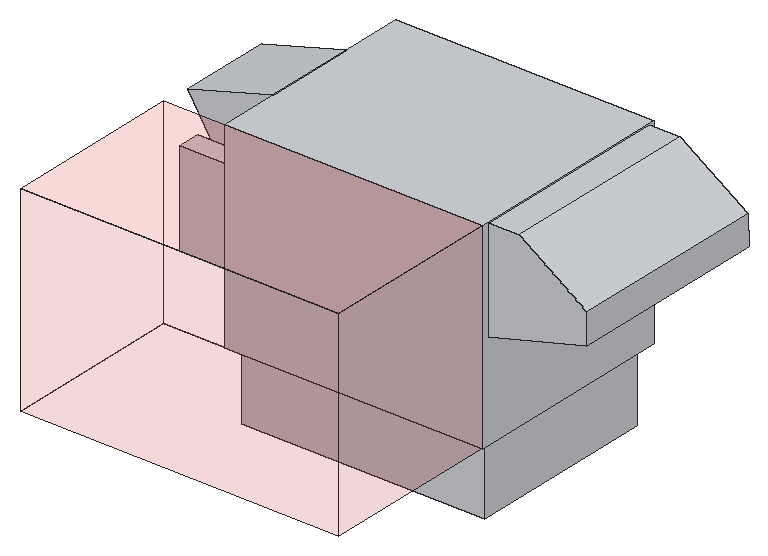
Revit family
Parameters (values of type "208 V Three Phase")
  Weight Scheduled [instance] = 488  # constant formula
  Voltage Workaround = Voltage / 1 V  # 208
  Voltage Scheduled = Voltage  # 208 V
  Voltage = 208 V
  VoltAmps Workaround [instance] = Voltage Workaround * Total FLA * sqrt(Phase)  # 0
  VoltAmps [instance] = VoltAmps Workaround * 1 VA  # 0 VA
  VFD [instance] = no
  URL = "http://www.renewaire.com/_assets/files/SubmittalForms/HE2XRTSubmittal.pdf"
  Total FLA [instance] = if(or(Supply Motor FLA = 0, Exhaust Motor FLA = 0), 0, (Supply Motor FLA * Supply Motor Count) + (Exhaust Motor FLA * Exhaust Motor Count))  # 0
  Supply Motor RPM Scheduled [instance] = Supply Motor RPM  # 0
  Supply Motor RPM [instance] = if(and(or(Supply ESP = 0, Supply ESP > 0), Supply ESP < 0.25), if(Supply Motor HP = 1.5, if(Supply CFM > 1970 CFM, 0, if(Supply CFM > 1765 CFM, 1504, if(Supply CFM > 1560 CFM, 1348, 1192))), if(Supply Motor HP = 2, if(Supply CFM > 2194 CFM, 0, if(Supply CFM > 2087 CFM, 1594, 1516)), 0)), if(and(or(Supply ESP = 0.25, Supply ESP > 0.25), Supply ESP < 0.5), if(Supply Motor HP = 1.5, if(Supply CFM > 1900 CFM, 0, if(Supply CFM > 1685 CFM, 1504, if(Supply CFM > 1460 CFM, 1348, 1192))), if(Supply Motor HP = 2, if(Supply CFM > 2110 CFM, 0, if(Supply CFM > 2000 CFM, 1594, 1516)), 0)), if(and(or(Supply ESP = 0.5, Supply ESP > 0.5), Supply ESP < 0.75), if(Supply Motor HP = 1.5, if(Supply CFM > 1800 CFM, 0, if(Supply CFM > 1560 CFM, 1504, if(Supply CFM > 1300 CFM, 1348, 1192))), if(Supply Motor HP = 2, if(Supply CFM > 2145 CFM, 0, if(Supply CFM > 2035 CFM, 1671, if(Supply CFM > 1915 CFM, 1594, 1516))), 0)), if(and(or(Supply ESP = 0.75, Supply ESP > 0.75), Supply ESP < 1), if(Supply Motor HP = 1.5, if(Supply CFM > 1670 CFM, 0, if(Supply CFM > 1380 CFM, 1504, if(Supply CFM > 1100 CFM, 1348, 1192))), if(Supply Motor HP = 2, if(Supply CFM > 2050 CFM, 0, if(Supply CFM > 1920 CFM, 1671, if(Supply CFM > 1775 CFM, 1594, 1516))), 0)), if(and(or(Supply ESP = 1, Supply ESP > 1), Supply ESP < 1.25), if(Supply Motor HP = 1.5, if(Supply CFM > 1500 CFM, 0, if(Supply CFM > 1210 CFM, 1504, if(Supply CFM > 845 CFM, 1348, 1192))), if(Supply Motor HP = 2, if(Supply CFM > 1905 CFM, 0, if(Supply CFM > 1765 CFM, 1671, if(Supply CFM > 1635 CFM, 1594, 1516))), 0)), if(and(or(Supply ESP = 1.25, Supply ESP > 1.25), Supply ESP < 1.5), if(Supply Motor HP = 1.5, if(Supply CFM > 1345 CFM, 0, if(Supply CFM > 945 CFM, 1504, 1348)), if(Supply Motor HP = 2, if(Supply CFM > 1775 CFM, 0, if(Supply CFM > 1630 CFM, 1671, if(Supply CFM > 1475 CFM, 1594, 1516))), 0)), if(Supply ESP = 1.5, if(Supply Motor HP = 1.5, if(Supply CFM > 1135 CFM, 0, if(Supply CFM > 650 CFM, 1504, 1348)), if(Supply Motor HP = 2, if(Supply CFM > 1640 CFM, 0, if(Supply CFM > 1470 CFM, 1671, if(Supply CFM > 1260 CFM, 1594, 1516))), 0)), 0)))))))  # 0
  Supply Motor HP Scheduled [instance] = Supply Motor HP  # 0
  Supply Motor HP [instance] = 0
  Supply Motor FLA [instance] = if(VFD, if(Supply Motor BHP = 0, 0, if(Supply Motor HP = 1.5, if(and(or(Voltage = 208 V, Voltage = 230 V), Phase = 1), 4.8, if(and(or(Voltage = 208 V, Voltage = 230 V), Phase = 3), 4.8, if(and(Voltage = 460 V, Phase = 3), 2.4, if(and(Voltage = 575 V, Phase = 3), 1.8, 0)))), if(Supply Motor HP = 2, if(and(or(Voltage = 208 V, Voltage = 230 V), Phase = 1), 6.1, if(and(or(Voltage = 208 V, Voltage = 230 V), Phase = 3), 6.1, if(and(Voltage = 460 V, Phase = 3), 2.9, if(and(Voltage = 575 V, Phase = 3), 2.4, 0)))), 0))), if(Supply Motor BHP = 0, 0, if(Supply Motor HP = 1.5, if(and(Voltage = 115 V, Phase = 1), 15.2, if(and(or(Voltage = 208 V, Voltage = 230 V), Phase = 1), 8.2, if(and(or(Voltage = 208 V, Voltage = 230 V), Phase = 3), 4.6, if(and(Voltage = 460 V, Phase = 3), 2.4, if(and(Voltage = 575 V, Phase = 3), 1.8, 0))))), if(Supply Motor HP = 2, if(and(Voltage = 115 V, Phase = 1), 20, if(and(or(Voltage = 208 V, Voltage = 230 V), Phase = 1), 10.8, if(and(or(Voltage = 208 V, Voltage = 230 V), Phase = 3), 6.1, if(and(Voltage = 460 V, Phase = 3), 2.9, if(and(Voltage = 575 V, Phase = 3), 2.4, 0))))), 0))))  # 0
  Supply Motor Count Scheduled [instance] = Supply Motor Count  # 0
  Supply Motor Count [instance] = if(Supply Motor HP = 0.75, 2, if(Supply Motor HP = 1.5, 1, if(Supply Motor HP = 2, 1, 0)))  # 0
  Supply Motor BHP [instance] = if(and(or(Supply ESP = 0, Supply ESP > 0), Supply ESP < 0.25), if(Supply Motor HP = 1.5, if(Supply CFM > 1970 CFM, 0, if(Supply CFM > 1765 CFM, 1.5, if(Supply CFM > 1560 CFM, 1.1, 0.7))), if(Supply Motor HP = 2, if(Supply CFM > 2194 CFM, 0, if(Supply CFM > 2087 CFM, 1.8, 1.6)), 0)), if(and(or(Supply ESP = 0.25, Supply ESP > 0.25), Supply ESP < 0.5), if(Supply Motor HP = 1.5, if(Supply CFM > 1900 CFM, 0, if(Supply CFM > 1685 CFM, 1.4, if(Supply CFM > 1460 CFM, 1, 0.7))), if(Supply Motor HP = 2, if(Supply CFM > 2110 CFM, 0, if(Supply CFM > 2000 CFM, 1.7, 1.5)), 0)), if(and(or(Supply ESP = 0.5, Supply ESP > 0.5), Supply ESP < 0.75), if(Supply Motor HP = 1.5, if(Supply CFM > 1800 CFM, 0, if(Supply CFM > 1560 CFM, 1.3, if(Supply CFM > 1300 CFM, 0.9, 0.6))), if(Supply Motor HP = 2, if(Supply CFM > 2145 CFM, 0, if(Supply CFM > 2035 CFM, 1.9, if(Supply CFM > 1915 CFM, 1.6, 1.4))), 0)), if(and(or(Supply ESP = 0.75, Supply ESP > 0.75), Supply ESP < 1), if(Supply Motor HP = 1.5, if(Supply CFM > 1670 CFM, 0, if(Supply CFM > 1380 CFM, 1.2, if(Supply CFM > 1100 CFM, 0.8, 0.5))), if(Supply Motor HP = 2, if(Supply CFM > 2050 CFM, 0, if(Supply CFM > 1920 CFM, 1.7, if(Supply CFM > 1775 CFM, 1.5, 1.2))), 0)), if(and(or(Supply ESP = 1, Supply ESP > 1), Supply ESP < 1.25), if(Supply Motor HP = 1.5, if(Supply CFM > 1500 CFM, 0, if(Supply CFM > 1210 CFM, 1.1, if(Supply CFM > 845 CFM, 0.7, 0.4))), if(Supply Motor HP = 2, if(Supply CFM > 1905 CFM, 0, if(Supply CFM > 1765 CFM, 1.5, if(Supply CFM > 1635 CFM, 1.3, 1.1))), 0)), if(and(or(Supply ESP = 1.25, Supply ESP > 1.25), Supply ESP < 1.5), if(Supply Motor HP = 1.5, if(Supply CFM > 1345 CFM, 0, if(Supply CFM > 945 CFM, 1, 0.6)), if(Supply Motor HP = 2, if(Supply CFM > 1775 CFM, 0, if(Supply CFM > 1630 CFM, 1.4, if(Supply CFM > 1475 CFM, 1.2, 1))), 0)), if(Supply ESP = 1.5, if(Supply Motor HP = 1.5, if(Supply CFM > 1135 CFM, 0, if(Supply CFM > 650 CFM, 0.8, 0.4)), if(Supply Motor HP = 2, if(Supply CFM > 1640 CFM, 0, if(Supply CFM > 1470 CFM, 1.3, if(Supply CFM > 1260 CFM, 1.1, 0.8))), 0)), 0)))))))  # 0
  Supply ESP Scheduled [instance] = Supply ESP  # 0
  Supply ESP [instance] = 0
  Supply CFM Scheduled [instance] = Supply CFM  # 0 CFM
  Supply CFM [instance] = 0 CFM
  Supply Air Winter RH Scheduled [instance] = 0
  Supply Air Winter DB Scheduled [instance] = 0
  Supply Air Summer RH Scheduled [instance] = 0
  Supply Air Summer DB Scheduled [instance] = 0
  Phase Scheduled = Phase  # 3
  Phase = 3
  Outside Air Winter RH Scheduled [instance] = 0
  Outside Air Winter DB Scheduled [instance] = 0
  Outside Air Summer RH Scheduled [instance] = 0
  Outside Air Summer DB Scheduled [instance] = 0
  Number of Poles = 3
  Model = "HE2XRTF"
  Manufacturer = "RenewAire"
  MOCP Scheduled [instance] = MOCP  # 0
  MOCP [instance] = if(VFD, if(Total FLA = 0, 0, if(and(or(Voltage = 208 V, Voltage = 230 V), Phase = 1), if(and(Supply Motor HP = 1.5, Exhaust Motor HP = 1.5), 25, if(and(Supply Motor HP = 2, Exhaust Motor HP = 1.5), 20, if(and(Supply Motor HP = 1.5, Exhaust Motor HP = 2), 20, if(and(Supply Motor HP = 2, Exhaust Motor HP = 2), 30, 0)))), if(and(or(Voltage = 208 V, Voltage = 230 V), Phase = 3), if(and(Supply Motor HP = 1.5, Exhaust Motor HP = 1.5), 15, if(and(Supply Motor HP = 2, Exhaust Motor HP = 1.5), 15, if(and(Supply Motor HP = 1.5, Exhaust Motor HP = 2), 15, if(and(Supply Motor HP = 2, Exhaust Motor HP = 2), 15, 0)))), if(and(Voltage = 460 V, Phase = 3), if(and(Supply Motor HP = 1.5, Exhaust Motor HP = 1.5), 15, if(and(Supply Motor HP = 2, Exhaust Motor HP = 1.5), 15, if(and(Supply Motor HP = 1.5, Exhaust Motor HP = 2), 15, if(and(Supply Motor HP = 2, Exhaust Motor HP = 2), 15, 0)))), if(and(Voltage = 575 V, Phase = 3), if(and(Supply Motor HP = 1.5, Exhaust Motor HP = 1.5), 15, if(and(Supply Motor HP = 2, Exhaust Motor HP = 1.5), 15, if(and(Supply Motor HP = 1.5, Exhaust Motor HP = 2), 15, if(and(Supply Motor HP = 2, Exhaust Motor HP = 2), 15, 0)))), 0))))), if(Total FLA = 0, 0, if(and(Voltage = 115 V, Phase = 1), if(and(Supply Motor HP = 1.5, Exhaust Motor HP = 1.5), 45, if(and(Supply Motor HP = 2, Exhaust Motor HP = 1.5), 60, if(and(Supply Motor HP = 1.5, Exhaust Motor HP = 2), 60, if(and(Supply Motor HP = 2, Exhaust Motor HP = 2), 60, 0)))), if(and(or(Voltage = 208 V, Voltage = 230 V), Phase = 1), if(and(Supply Motor HP = 1.5, Exhaust Motor HP = 1.5), 25, if(and(Supply Motor HP = 2, Exhaust Motor HP = 1.5), 30, if(and(Supply Motor HP = 1.5, Exhaust Motor HP = 2), 30, if(and(Supply Motor HP = 2, Exhaust Motor HP = 2), 35, 0)))), if(and(or(Voltage = 208 V, Voltage = 230 V), Phase = 3), if(and(Supply Motor HP = 1.5, Exhaust Motor HP = 1.5), 15, if(and(Supply Motor HP = 2, Exhaust Motor HP = 1.5), 15, if(and(Supply Motor HP = 1.5, Exhaust Motor HP = 2), 15, if(and(Supply Motor HP = 2, Exhaust Motor HP = 2), 15, 0)))), if(and(Voltage = 460 V, Phase = 3), if(and(Supply Motor HP = 1.5, Exhaust Motor HP = 1.5), 15, if(and(Supply Motor HP = 2, Exhaust Motor HP = 1.5), 15, if(and(Supply Motor HP = 1.5, Exhaust Motor HP = 2), 15, if(and(Supply Motor HP = 2, Exhaust Motor HP = 2), 15, 0)))), if(and(Voltage = 575 V, Phase = 3), if(and(Supply Motor HP = 1.5, Exhaust Motor HP = 1.5), 15, if(and(Supply Motor HP = 2, Exhaust Motor HP = 1.5), 15, if(and(Supply Motor HP = 1.5, Exhaust Motor HP = 2), 15, if(and(Supply Motor HP = 2, Exhaust Motor HP = 2), 15, 0)))), 0)))))))  # 0
  MCA Scheduled [instance] = MCA  # 0
  MCA [instance] = if(VFD, if(Total FLA = 0, 0, if(and(or(Voltage = 208 V, Voltage = 230 V), Phase = 1), if(and(Supply Motor HP = 1.5, Exhaust Motor HP = 1.5), 20.6, if(and(Supply Motor HP = 2, Exhaust Motor HP = 1.5), 23.6, if(and(Supply Motor HP = 1.5, Exhaust Motor HP = 2), 23.6, if(and(Supply Motor HP = 2, Exhaust Motor HP = 2), 26, 0)))), if(and(or(Voltage = 208 V, Voltage = 230 V), Phase = 3), if(and(Supply Motor HP = 1.5, Exhaust Motor HP = 1.5), 11.9, if(and(Supply Motor HP = 2, Exhaust Motor HP = 1.5), 13.6, if(and(Supply Motor HP = 1.5, Exhaust Motor HP = 2), 13.6, if(and(Supply Motor HP = 2, Exhaust Motor HP = 2), 15, 0)))), if(and(Voltage = 460 V, Phase = 3), if(and(Supply Motor HP = 1.5, Exhaust Motor HP = 1.5), 5.9, if(and(Supply Motor HP = 2, Exhaust Motor HP = 1.5), 6.6, if(and(Supply Motor HP = 1.5, Exhaust Motor HP = 2), 6.6, if(and(Supply Motor HP = 2, Exhaust Motor HP = 2), 7.2, 0)))), if(and(Voltage = 575 V, Phase = 3), if(and(Supply Motor HP = 1.5, Exhaust Motor HP = 1.5), 4.5, if(and(Supply Motor HP = 2, Exhaust Motor HP = 1.5), 5.3, if(and(Supply Motor HP = 1.5, Exhaust Motor HP = 2), 5.3, if(and(Supply Motor HP = 2, Exhaust Motor HP = 2), 5.9, 0)))), 0))))), if(Total FLA = 0, 0, if(and(Voltage = 115 V, Phase = 1), if(and(Supply Motor HP = 1.5, Exhaust Motor HP = 1.5), 34.2, if(and(Supply Motor HP = 2, Exhaust Motor HP = 1.5), 40.2, if(and(Supply Motor HP = 1.5, Exhaust Motor HP = 2), 40.2, if(and(Supply Motor HP = 2, Exhaust Motor HP = 2), 45, 0)))), if(and(or(Voltage = 208 V, Voltage = 230 V), Phase = 1), if(and(Supply Motor HP = 1.5, Exhaust Motor HP = 1.5), 18.5, if(and(Supply Motor HP = 2, Exhaust Motor HP = 1.5), 21.7, if(and(Supply Motor HP = 1.5, Exhaust Motor HP = 2), 21.7, if(and(Supply Motor HP = 2, Exhaust Motor HP = 2), 24.3, 0)))), if(and(or(Voltage = 208 V, Voltage = 230 V), Phase = 3), if(and(Supply Motor HP = 1.5, Exhaust Motor HP = 1.5), 11.9, if(and(Supply Motor HP = 2, Exhaust Motor HP = 1.5), 13.6, if(and(Supply Motor HP = 1.5, Exhaust Motor HP = 2), 13.6, if(and(Supply Motor HP = 2, Exhaust Motor HP = 2), 13.6, 0)))), if(and(Voltage = 460 V, Phase = 3), if(and(Supply Motor HP = 1.5, Exhaust Motor HP = 1.5), 5.4, if(and(Supply Motor HP = 2, Exhaust Motor HP = 1.5), 6, if(and(Supply Motor HP = 1.5, Exhaust Motor HP = 2), 6, if(and(Supply Motor HP = 2, Exhaust Motor HP = 2), 6.5, 0)))), if(and(Voltage = 575 V, Phase = 3), if(and(Supply Motor HP = 1.5, Exhaust Motor HP = 1.5), 4.1, if(and(Supply Motor HP = 2, Exhaust Motor HP = 1.5), 4.8, if(and(Supply Motor HP = 1.5, Exhaust Motor HP = 2), 4.8, if(and(Supply Motor HP = 2, Exhaust Motor HP = 2), 5.4, 0)))), 0)))))))  # 0
  FLA Scheduled [instance] = Total FLA  # 0
  Exhaust RH Scheduled [instance] = 0
  Exhaust Motor RPM Scheduled [instance] = Exhaust Motor RPM  # 0
  Exhaust Motor RPM [instance] = if(and(or(Exhaust ESP = 0, Exhaust ESP > 0), Exhaust ESP < 0.25), if(Exhaust Motor HP = 1.5, if(Exhaust CFM > 1970 CFM, 0, if(Exhaust CFM > 1765 CFM, 1504, if(Exhaust CFM > 1560 CFM, 1348, 1192))), if(Exhaust Motor HP = 2, if(Exhaust CFM > 2194 CFM, 0, if(Exhaust CFM > 2087 CFM, 1594, 1516)), 0)), if(and(or(Exhaust ESP = 0.25, Exhaust ESP > 0.25), Exhaust ESP < 0.5), if(Exhaust Motor HP = 1.5, if(Exhaust CFM > 1900 CFM, 0, if(Exhaust CFM > 1685 CFM, 1504, if(Exhaust CFM > 1460 CFM, 1348, 1192))), if(Exhaust Motor HP = 2, if(Exhaust CFM > 2110 CFM, 0, if(Exhaust CFM > 2000 CFM, 1594, 1516)), 0)), if(and(or(Exhaust ESP = 0.5, Exhaust ESP > 0.5), Exhaust ESP < 0.75), if(Exhaust Motor HP = 1.5, if(Exhaust CFM > 1800 CFM, 0, if(Exhaust CFM > 1560 CFM, 1504, if(Exhaust CFM > 1300 CFM, 1348, 1192))), if(Exhaust Motor HP = 2, if(Exhaust CFM > 2145 CFM, 0, if(Exhaust CFM > 2035 CFM, 1671, if(Exhaust CFM > 1915 CFM, 1594, 1516))), 0)), if(and(or(Exhaust ESP = 0.75, Exhaust ESP > 0.75), Exhaust ESP < 1), if(Exhaust Motor HP = 1.5, if(Exhaust CFM > 1670 CFM, 0, if(Exhaust CFM > 1380 CFM, 1504, if(Exhaust CFM > 1100 CFM, 1348, 1192))), if(Exhaust Motor HP = 2, if(Exhaust CFM > 2050 CFM, 0, if(Exhaust CFM > 1920 CFM, 1671, if(Exhaust CFM > 1775 CFM, 1594, 1516))), 0)), if(and(or(Exhaust ESP = 1, Exhaust ESP > 1), Exhaust ESP < 1.25), if(Exhaust Motor HP = 1.5, if(Exhaust CFM > 1500 CFM, 0, if(Exhaust CFM > 1210 CFM, 1504, if(Exhaust CFM > 845 CFM, 1348, 1192))), if(Exhaust Motor HP = 2, if(Exhaust CFM > 1905 CFM, 0, if(Exhaust CFM > 1765 CFM, 1671, if(Exhaust CFM > 1635 CFM, 1594, 1516))), 0)), if(and(or(Exhaust ESP = 1.25, Exhaust ESP > 1.25), Exhaust ESP < 1.5), if(Exhaust Motor HP = 1.5, if(Exhaust CFM > 1345 CFM, 0, if(Exhaust CFM > 945 CFM, 1504, 1348)), if(Exhaust Motor HP = 2, if(Exhaust CFM > 1775 CFM, 0, if(Exhaust CFM > 1630 CFM, 1671, if(Exhaust CFM > 1475 CFM, 1594, 1516))), 0)), if(Exhaust ESP = 1.5, if(Exhaust Motor HP = 1.5, if(Exhaust CFM > 1135 CFM, 0, if(Exhaust CFM > 650 CFM, 1504, 1348)), if(Exhaust Motor HP = 2, if(Exhaust CFM > 1640 CFM, 0, if(Exhaust CFM > 1470 CFM, 1671, if(Exhaust CFM > 1260 CFM, 1594, 1516))), 0)), 0)))))))  # 0
  Exhaust Motor HP Scheduled [instance] = Exhaust Motor HP  # 0
  Exhaust Motor HP [instance] = 0
  Exhaust Motor FLA [instance] = if(VFD, if(Exhaust Motor BHP = 0, 0, if(Exhaust Motor HP = 1.5, if(and(or(Voltage = 208 V, Voltage = 230 V), Phase = 1), 4.8, if(and(or(Voltage = 208 V, Voltage = 230 V), Phase = 3), 4.8, if(and(Voltage = 460 V, Phase = 3), 2.4, if(and(Voltage = 575 V, Phase = 3), 1.8, 0)))), if(Exhaust Motor HP = 2, if(and(or(Voltage = 208 V, Voltage = 230 V), Phase = 1), 6.1, if(and(or(Voltage = 208 V, Voltage = 230 V), Phase = 3), 6.1, if(and(Voltage = 460 V, Phase = 3), 2.9, if(and(Voltage = 575 V, Phase = 3), 2.4, 0)))), 0))), if(Exhaust Motor BHP = 0, 0, if(Exhaust Motor HP = 1.5, if(and(Voltage = 115 V, Phase = 1), 15.2, if(and(or(Voltage = 208 V, Voltage = 230 V), Phase = 1), 8.2, if(and(or(Voltage = 208 V, Voltage = 230 V), Phase = 3), 4.6, if(and(Voltage = 460 V, Phase = 3), 2.4, if(and(Voltage = 575 V, Phase = 3), 1.8, 0))))), if(Exhaust Motor HP = 2, if(and(Voltage = 115 V, Phase = 1), 20, if(and(or(Voltage = 208 V, Voltage = 230 V), Phase = 1), 10.8, if(and(or(Voltage = 208 V, Voltage = 230 V), Phase = 3), 6.1, if(and(Voltage = 460 V, Phase = 3), 2.9, if(and(Voltage = 575 V, Phase = 3), 2.4, 0))))), 0))))  # 0
  Exhaust Motor Count Scheduled [instance] = Exhaust Motor Count  # 0
  Exhaust Motor Count [instance] = if(Exhaust Motor HP = 0.75, 2, if(Exhaust Motor HP = 1.5, 1, if(Exhaust Motor HP = 2, 1, 0)))  # 0
  Exhaust Motor BHP [instance] = if(and(or(Exhaust ESP = 0, Exhaust ESP > 0), Exhaust ESP < 0.25), if(Exhaust Motor HP = 1.5, if(Exhaust CFM > 1970 CFM, 0, if(Exhaust CFM > 1765 CFM, 1.5, if(Exhaust CFM > 1560 CFM, 1.1, 0.7))), if(Exhaust Motor HP = 2, if(Exhaust CFM > 2194 CFM, 0, if(Exhaust CFM > 2087 CFM, 1.8, 1.6)), 0)), if(and(or(Exhaust ESP = 0.25, Exhaust ESP > 0.25), Exhaust ESP < 0.5), if(Exhaust Motor HP = 1.5, if(Exhaust CFM > 1900 CFM, 0, if(Exhaust CFM > 1685 CFM, 1.4, if(Exhaust CFM > 1460 CFM, 1, 0.7))), if(Exhaust Motor HP = 2, if(Exhaust CFM > 2110 CFM, 0, if(Exhaust CFM > 2000 CFM, 1.7, 1.5)), 0)), if(and(or(Exhaust ESP = 0.5, Exhaust ESP > 0.5), Exhaust ESP < 0.75), if(Exhaust Motor HP = 1.5, if(Exhaust CFM > 1800 CFM, 0, if(Exhaust CFM > 1560 CFM, 1.3, if(Exhaust CFM > 1300 CFM, 0.9, 0.6))), if(Exhaust Motor HP = 2, if(Exhaust CFM > 2145 CFM, 0, if(Exhaust CFM > 2035 CFM, 1.9, if(Exhaust CFM > 1915 CFM, 1.6, 1.4))), 0)), if(and(or(Exhaust ESP = 0.75, Exhaust ESP > 0.75), Exhaust ESP < 1), if(Exhaust Motor HP = 1.5, if(Exhaust CFM > 1670 CFM, 0, if(Exhaust CFM > 1380 CFM, 1.2, if(Exhaust CFM > 1100 CFM, 0.8, 0.5))), if(Exhaust Motor HP = 2, if(Exhaust CFM > 2050 CFM, 0, if(Exhaust CFM > 1920 CFM, 1.7, if(Exhaust CFM > 1775 CFM, 1.5, 1.2))), 0)), if(and(or(Exhaust ESP = 1, Exhaust ESP > 1), Exhaust ESP < 1.25), if(Exhaust Motor HP = 1.5, if(Exhaust CFM > 1500 CFM, 0, if(Exhaust CFM > 1210 CFM, 1.1, if(Exhaust CFM > 845 CFM, 0.7, 0.4))), if(Exhaust Motor HP = 2, if(Exhaust CFM > 1905 CFM, 0, if(Exhaust CFM > 1765 CFM, 1.5, if(Exhaust CFM > 1635 CFM, 1.3, 1.1))), 0)), if(and(or(Exhaust ESP = 1.25, Exhaust ESP > 1.25), Exhaust ESP < 1.5), if(Exhaust Motor HP = 1.5, if(Exhaust CFM > 1345 CFM, 0, if(Exhaust CFM > 945 CFM, 1, 0.6)), if(Exhaust Motor HP = 2, if(Exhaust CFM > 1775 CFM, 0, if(Exhaust CFM > 1630 CFM, 1.4, if(Exhaust CFM > 1475 CFM, 1.2, 1))), 0)), if(Exhaust ESP = 1.5, if(Exhaust Motor HP = 1.5, if(Exhaust CFM > 1135 CFM, 0, if(Exhaust CFM > 650 CFM, 0.8, 0.4)), if(Exhaust Motor HP = 2, if(Exhaust CFM > 1640 CFM, 0, if(Exhaust CFM > 1470 CFM, 1.3, if(Exhaust CFM > 1260 CFM, 1.1, 0.8))), 0)), 0)))))))  # 0
  Exhaust ESP Scheduled [instance] = Exhaust ESP  # 0
  Exhaust ESP [instance] = 0
  Exhaust DB Scheduled [instance] = 0
  Exhaust CFM Scheduled [instance] = Exhaust CFM  # 0 CFM
  Exhaust CFM [instance] = 0 CFM
  Enthalpy Effect Winter Scheduled [instance] = 0
  Enthalpy Effect Summer Scheduled [instance] = 0
Types (9): name | Voltage Workaround | Voltage Scheduled | Voltage | VFD | Phase Scheduled | Phase | Number of Poles
  (no name) | 208 | 208 V | 208 V | no | 3 | 3 | 3
  115 V Single Phase | 115 | 115 V | 115 V | yes | 1 | 1 | 1
  208 V Single Phase | 208 | 208 V | 208 V | yes | 1 | 1 | 2
  230 V Single Phase | 230 | 230 V | 230 V | yes | 1 | 1 | 2
  277 V Single Phase | 277 | 277 V | 277 V | yes | 1 | 1 | 1
  208 V Three Phase | 208 | 208 V | 208 V | no | 3 | 3 | 3
  230 V Three Phase | 230 | 230 V | 230 V | yes | 3 | 3 | 3
  460 V Three Phase | 460 | 460 V | 460 V | yes | 3 | 3 | 3
  575 V Three Phase | 575 | 575 V | 575 V | yes | 3 | 3 | 3
Reference planes (in)
  plane 1 "Center (Front/Back)": y = 0
  plane 2: z = 0
  plane 3 "Center (Left/Right)": x = 0
Forms (in)
  Extrusion 1, solid
    sketch origin (0, 0, 0) x (1, 0, 0) y (0, 1, 0)
      loop
        line (-25.5, 21.125) -> (-25.5, -21.125) -> (25.5, -21.125) -> (25.5, 21.125) -> (-25.5, 21.125)
    from 14 to 53.375
  Extrusion 2, solid
    sketch origin (0, -1, 0) x (1, 0, 0) y (0, 1, 0)
      loop
        line (-24, 19.8125) -> (-24, -17.8125) -> (24, -17.8125) -> (24, 19.8125) -> (-24, 19.8125)
    from 0 to 14
  Extrusion 3, solid
    sketch origin (0, 0, 0) x (1, 0, 0) y (0, 0, 1)
      loop
        line (-25.5625, 53.375) -> (-42.375, 48.58032) -> (-32.5625, 32.625) -> (-25.5625, 32.625) -> (-25.5625, 53.375)
    from -9.125 to 9.125
  Extrusion 4, solid
    sketch origin (-25.5, 21.1405, 11.125) x (0, 1, 0) y (0, 0, -1)
      loop
        line (-33.8905, -32.625) -> (-33.8905, -14) -> (-38.3905, -14) -> (-38.3905, -32.625) -> (-33.8905, -32.625)
    from 0 to 12
  Extrusion 5, solid
    sketch origin (0, 0, 0) x (1, 0, 0) y (0, 1, 0)
      loop
        line (-37.5, -21.125) -> (-37.5, -56.625) -> (25.5, -56.625) -> (25.5, -21.125) -> (-37.5, -21.125)
    from 14 to 53.375
  Extrusion 6, solid
    sketch origin (0, 0, 0) x (1, 0, 0) y (0, 0, 1)
      loop
        line (25.5, 53.375) -> (25.5, 33.35848) -> (45.125, 38.54469) -> (45.125, 44.54469) -> (31.5625, 53.375) -> (25.5, 53.375)
    from -19.8125 to 20
Cuts and joins
  joined: Extrusion 1, Extrusion 2, Extrusion 3, Extrusion 4
Lines and regions (in)
  Split face 1
    outline origin (31.5625, -1, 0) x (1, 0, 0) y (0, 1, 0)
      loop
        line (-20.8125, 13) -> (-20.8125, -11) -> (-10.8125, -11) -> (-10.8125, 13) -> (-20.8125, 13)
  Split face 2
    outline origin (-31.5625, -1, 0) x (0, 1, 0) y (-1, 0, 0)
      loop
        line (13, -20.8125) -> (13, -10.8125) -> (-11, -10.8125) -> (-11, -20.8125) -> (13, -20.8125)
  symbolic lines
    curve 1: line (31.5, 0, 0) -> (31.5, -20, 0)
    curve 2: line (31.5, 0, 0) -> (31.5, 20, 0)
Dimensions and locks (in)
  equal spacing: Extrusion 1 sketch curve, plane 3 "Center (Left/Right)", Extrusion 1 sketch curve
  equal spacing: Extrusion 1 sketch curve, plane 1 "Center (Front/Back)", Extrusion 1 sketch curve
  plane 1 "Center (Front/Back)" to Extrusion 1 sketch curve = 1' - 9 1/8"
  Extrusion 1 sketch curve to plane 3 "Center (Left/Right)" = 2' - 1 1/2"
  cut or joined group of Extrusion 1, Extrusion 2, Extrusion 3, Extrusion 4 to cut or joined group of Extrusion 1, Extrusion 2, Extrusion 3, Extrusion 4 = 0' - 11 1/8"
Connectors (in)
  hvac at (15.75, 0, 0), driven by "Exhaust CFM"
    settings: on Extrusion 2, index 1, duct flow 0 CFM, flow factor 0, pres drop 0.00 in-wg, loss coef 0, conn angle 0.00°, conn width 10", conn height 24", conn radius 12", duct sys type 3, conn prof type 1, flow config 0, flow direction 1, loss method 0, conn ref index -1, conn util no, is conn primary yes, conn desc ""
  electrical at (-31.5, -15, 25.125), driven by "Voltage", driven by "VoltAmps", driven by "Number of Poles"
    settings: on Extrusion 4, index 3, voltage 208 V, apparent load 0 VA, apparent load phase1 0 VA, apparent load phase2 0 VA, apparent load phase3 0 VA, power factor 1, load classification "HVAC", number of poles 3, system type 30, power factor state 1, is connector primary yes, connector utility no, sub classification motor no, connector description ""
  hvac at (-15.75, 0, 0), driven by "Supply CFM"
    settings: on cut or joined group of Extrusion 1, Extrusion 2, Extrusion 3, Extrusion 4, index 4, duct flow 0 CFM, flow factor 0, pres drop 0.00 in-wg, loss coef 0, conn angle 0.00°, conn width 10", conn height 24", conn radius 12", duct sys type 1, conn prof type 1, flow config 0, flow direction 2, loss method 0, conn ref index -1, conn util no, is conn primary no, conn desc ""
